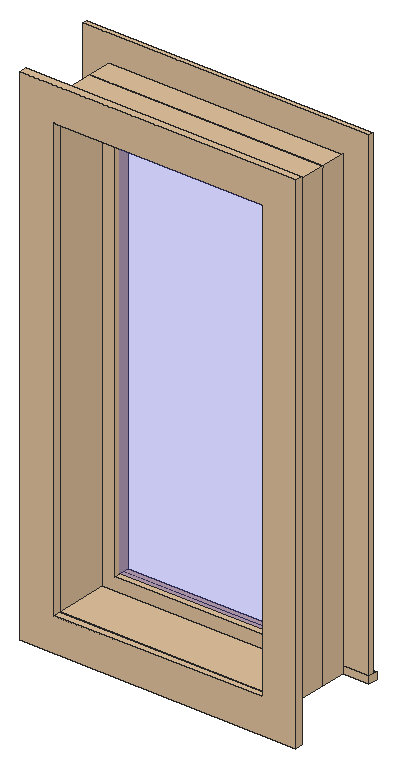
Revit family
Parameters (values of type "24" x 48"")
  Assembly Code = "B2020100"
  Glass Pane Material = Glass
  Height = 4' - 0"
  Sash Material = Sash
  Default Sill Height = 3' - 0"
  Trim Exterior Material = Trim
  Trim Interior Material = Trim
  Trim Projection - Ext. = 0' - 0 1/2"
  Trim Projection - Int. = 0' - 0 3/4"
  Trim Width - Exterior = 0' - 3 1/2"
  Trim Width - Interior = 0' - 3 1/2"
  Wall Closure = (empty or 0)
  Width = 2' - 0"
  Window Inset = 0' - 0 3/4"
Types (10): name | Height | Default Sill Height | Width
  (no name) | 4' - 0" | 3' - 0" | 2' - 0"
  36" x 48" | 4' - 0" | 3' - 0" | 3' - 0"
  24" x 48" | 4' - 0" | 3' - 0" | 2' - 0"
  24" x 24" | 2' - 0" | 3' - 0" | 2' - 0"
  16" x 24" | 2' - 0" | 3' - 0" | 1' - 4"
  16" x 48" | 4' - 0" | 3' - 0" | 1' - 4"
  16" x 72" | 6' - 0" | 1' - 0" | 1' - 4"
  24" x 72" | 6' - 0" | 1' - 0" | 2' - 0"
  36" x 24" | 2' - 0" | 3' - 0" | 3' - 0"
  36" x 72" | 6' - 0" | 1' - 0" | 3' - 0"
Reference planes (in)
  plane 1: y = 0
  plane 2: z = 0
  plane 3 "Center": x = -1.5
  plane 4 "Left": x = -13.5
  plane 5 "Right": x = 10.5
  plane 6 "Sill": z = 36
  plane 7 "Top": z = 84
  plane 8: y = 4
  plane 9: y = -4
  plane 10: y = 3.25
  plane 11: x = -12.75
  plane 12: x = -12.25
  plane 13: x = 9.75
  plane 14: x = 9.25
  plane 15: x = -16.25
  plane 16: x = -15.75
  plane 17: x = 12.75
  plane 18: x = 13.25
  plane 19: z = 86.75
  plane 20: z = 83.25
  plane 21: z = 82.75
  plane 22: z = 86.25
  plane 23: z = 37.25
  plane 24: z = 33.75
  plane 25 "Closure": y = 2.125
Forms (in)
  Extrusion 1, solid, material "Sash" <- "Sash Material"
    sketch origin (0, 0, 0) x (1, 0, 0) y (0, 0, 1)
      loop
        line (-13.5, 84) -> (-13.5, 36) -> (10.5, 36) -> (10.5, 84) -> (-13.5, 84)
      loop
        line (-12.75, 83.25) -> (-12.75, 36.75) -> (9.75, 36.75) -> (9.75, 83.25) -> (-12.75, 83.25)
    from -4 to -1.5
  Extrusion 2, solid, material "Sash" <- "Sash Material"
    sketch origin (0, 0, 0) x (-1, 0, 0) y (0, 0, 1)
      loop
        line (-10.5, 84) -> (-10.5, 36) -> (13.5, 36) -> (13.5, 84) -> (-10.5, 84)
      loop
        line (-9.25, 82.75) -> (-9.25, 37.25) -> (12.25, 37.25) -> (12.25, 82.75) -> (-9.25, 82.75)
    from 1.5 to -4
  Extrusion 3, solid, material "Sash" <- "Sash Material"
    sketch origin (0, 0, 0) x (-1, 0, 0) y (0, 0, 1)
      loop
        line (-9.75, 83.25) -> (-9.75, 36.75) -> (12.75, 36.75) -> (12.75, 83.25) -> (-9.75, 83.25)
      loop
        line (-8, 81.5) -> (-8, 38.5) -> (11, 38.5) -> (11, 81.5) -> (-8, 81.5)
    from 1.5 to 3.25
  Extrusion 4, solid, material "Glass" <- "Glass Pane Material"
    sketch origin (-4.9201, 0, -4.60771) x (1, 0, 0) y (0, 0, 1)
      loop
        line (-6.0799, 86.10771) -> (-6.0799, 43.10771) -> (12.9201, 43.10771) -> (12.9201, 86.10771) -> (-6.0799, 86.10771)
    from -2.625 to -2.125
  Extrusion 5, solid, material "Trim" <- "Trim Interior Material"
    sketch origin (0, 0, 0) x (1, 0, 0) y (0, 0, 1)
      loop
        line (-12.25, 82.75) -> (-12.25, 37.25) -> (9.25, 37.25) -> (9.25, 82.75) -> (-12.25, 82.75)
      loop
        line (-15.75, 86.25) -> (-15.75, 33.75) -> (12.75, 33.75) -> (12.75, 86.25) -> (-15.75, 86.25)
    from 4 to 4.75
  Extrusion 6, solid, material "Trim" <- "Trim Exterior Material"
    sketch origin (0, 0, 0) x (-1, 0, 0) y (0, 0, 1)
      loop
        line (-9.75, 83.25) -> (12.75, 83.25) -> (12.75, 36.75) -> (16.25, 36.75) -> (16.25, 86.75) -> (-13.25, 86.75) -> (-13.25, 36.75) -> (-9.75, 36.75) -> (-9.75, 83.25)
    from 4 to 4.5
  Extrusion 7, solid, material "Trim" <- "Trim Exterior Material"
    sketch origin (0, 0, 0) x (-1, 0, 0) y (0, 0, 1)
      loop
        line (-13.25, 36.75) -> (-13.25, 36) -> (16.25, 36) -> (16.25, 36.75) -> (-13.25, 36.75)
    from 4 to 5
Lines and regions (in)
  Opening 1
    outline origin (-60, -4, 0) x (1, 0, 0) y (0, 0, 1)
      loop
        line (46.5, 84) -> (46.5, 36) -> (70.5, 36) -> (70.5, 84) -> (46.5, 84)
  symbolic lines, style "WindowsFrameMullionProjection"
    curve 1: line (-13.5, 4, 0) -> (-12.75, 4, 0)
    curve 2: line (-12.75, 1.5, 0) -> (-12.75, 4, 0)
    curve 3: line (-12.75, 1.5, 0) -> (-12.25, 1.5, 0)
    curve 4: line (-12.25, -4, 0) -> (-12.25, 1.5, 0)
    curve 5: line (10.5, 4, 0) -> (9.75, 4, 0)
    curve 6: line (9.25, 1.5, 0) -> (9.25, -4, 0)
    curve 7: line (9.25, 1.5, 0) -> (9.75, 1.5, 0)
    curve 8: line (9.75, 1.5, 0) -> (9.75, 4, 0)
    curve 9: line (-12.75, 3.25, 0) -> (-11, 3.25, 0)
    curve 10: line (-12.75, 3.25, 0) -> (-12.75, 1.5, 0)
    curve 11: line (-12.75, 1.5, 0) -> (-11, 1.5, 0)
    curve 12: line (-11, 3.25, 0) -> (-11, 1.5, 0)
    curve 13: line (9.75, 3.25, 0) -> (8, 3.25, 0)
    curve 14: line (9.75, 3.25, 0) -> (9.75, 1.5, 0)
    curve 15: line (9.75, 1.5, 0) -> (8, 1.5, 0)
    curve 16: line (8, 3.25, 0) -> (8, 1.5, 0)
    curve 18: line (-12.25, -4, 0) -> (-13.5, -4, 0)
    curve 19: line (9.25, -4, 0) -> (10.5, -4, 0)
  symbolic lines, style "WindowsGlassProjection"
    curve 17: line (-11, 2.375, 0) -> (8, 2.375, 0)
Text (in)
  text "EXTERIOR" at (-56.58296, 53.32073, 0), in view "Floor Line"
  text "INTERIOR" at (-58.6888, -42.14638, 0), in view "Floor Line"
  text "Exterior" at (0, 43.65631, 134.44969), in view "Left"
  text "Exterior" at (0, 18.29385, 125.04747), in view "Right"
Dimensions and locks (in)
  equal spacing: plane 4 "Left", plane 3 "Center", plane 5 "Right"
  "Width": plane 4 "Left" to plane 5 "Right"
  plane 2 to plane 24 to plane 6 "Sill" to plane 21 to plane 7 "Top" = 2' - 9 3/4", 0' - 2 1/4", 3' - 10 3/4", 0' - 1 1/4"
  "Window Inset": plane 8 to plane 10
  locked: plane 10 to Extrusion 3 at 1.75
  locked: plane 10 to Extrusion 4 at 0.625
  locked: Extrusion 4 to Extrusion 4 at 0.5
  "Trim Projection - Int.": Extrusion 5 to Extrusion 5
  "Trim Projection - Ext.": Extrusion 6 to Extrusion 6
  locked: Extrusion 7 sketch curve to Extrusion 1 at 0.75
  locked: Extrusion 7 to Extrusion 6 at 0.5
  locked: plane 4 "Left" to plane 11 at 0.75
  locked: plane 13 to plane 5 "Right" at 0.75
  locked: plane 14 to plane 5 "Right" at 1.25
  locked: plane 4 "Left" to plane 12 at 1.25
  "Trim Width - Exterior": plane 13 to plane 18
  "Trim Width - Exterior": plane 15 to plane 11
  locked: plane 20 to plane 7 "Top" at 0.75
  "Trim Width - Exterior": plane 20 to plane 19
  "Trim Width - Interior": plane 16 to plane 12
  "Trim Width - Interior": plane 14 to plane 17
  locked: plane 7 "Top" to plane 21 at 1.25
  "Trim Width - Interior": plane 22 to plane 21
  locked: plane 23 to plane 6 "Sill" at 1.25
  "Trim Width - Interior": plane 23 to plane 24
  "Height": plane 7 "Top" to plane 6 "Sill"
  "Default Sill Height": plane 6 "Sill" to plane 2
  locked: plane 10 to plane 25 "Closure" at 1.125
  aligned and locked: plane 7 "Top" to Opening 1 sketch curve
  aligned and locked: plane 6 "Sill" to Opening 1 sketch curve  (x2)
  aligned and locked: plane 5 "Right" to Opening 1 sketch curve
  aligned and locked: plane 4 "Left" to Opening 1 sketch curve
  aligned and locked: plane 9 to host wall
  aligned and locked: host wall to Extrusion 2
  aligned and locked: plane 10 to Extrusion 3
  aligned and locked: plane 8 to host wall
  aligned and locked: host wall to Extrusion 1
  aligned and locked: Extrusion 2 to Extrusion 1
  aligned and locked: Extrusion 1 to Extrusion 3
  aligned and locked: Extrusion 4 sketch curve to Extrusion 3  (x4)
  aligned and locked: curve 5 to Extrusion 1  (x2)
  aligned and locked: curve 6 to Extrusion 2
  aligned and locked: curve 4 to Extrusion 2
  aligned and locked: curve 16 to Extrusion 3
  aligned and locked: Extrusion 1 to curve 11
  aligned and locked: Extrusion 1 to curve 7
  aligned and locked: Extrusion 5 sketch curve to Extrusion 2  (x4)
  aligned and locked: Extrusion 5 to host wall
  aligned and locked: Extrusion 6 sketch curve to Extrusion 1  (x4)
  aligned and locked: Extrusion 6 to host wall
  aligned and locked: Extrusion 7 sketch curve to Extrusion 6  (x2)
  aligned and locked: Extrusion 7 to host wall
Automatic sketch dimensions
  Extrusion 1 sketch curve to plane 4 "Left" = 0' - 0"
  Extrusion 1 sketch curve to plane 5 "Right" = 0' - 0"
  Extrusion 1 sketch curve to plane 4 "Left" = 0' - 0 3/4"
  plane 5 "Right" to Extrusion 1 sketch curve = 0' - 0 3/4"
  Extrusion 1 sketch curve to plane 6 "Sill" = 0' - 0"
  Extrusion 1 sketch curve to plane 7 "Top" = 0' - 0"
  Extrusion 1 sketch curve to plane 6 "Sill" = 0' - 0 3/4"
  plane 7 "Top" to Extrusion 1 sketch curve = 0' - 0 3/4"
  Extrusion 2 sketch curve to plane 5 "Right" = 0' - 0"
  Extrusion 2 sketch curve to plane 4 "Left" = 0' - 0"
  plane 5 "Right" to Extrusion 2 sketch curve = 0' - 1 1/4"
  Extrusion 2 sketch curve to plane 4 "Left" = 0' - 1 1/4"
  Extrusion 2 sketch curve to plane 6 "Sill" = 0' - 0"
  Extrusion 2 sketch curve to plane 7 "Top" = 0' - 0"
  Extrusion 2 sketch curve to plane 6 "Sill" = 0' - 1 1/4"
  plane 7 "Top" to Extrusion 2 sketch curve = 0' - 1 1/4"
  plane 5 "Right" to Extrusion 3 sketch curve = 0' - 0 3/4"
  plane 5 "Right" to Extrusion 3 sketch curve = 0' - 2 1/2"
  Extrusion 3 sketch curve to plane 4 "Left" = 0' - 2 1/2"
  Extrusion 3 sketch curve to plane 4 "Left" = 0' - 0 3/4"
  Extrusion 3 sketch curve to plane 6 "Sill" = 0' - 0 3/4"
  Extrusion 3 sketch curve to plane 6 "Sill" = 0' - 2 1/2"
  plane 7 "Top" to Extrusion 3 sketch curve = 0' - 2 1/2"
  plane 7 "Top" to Extrusion 3 sketch curve = 0' - 0 3/4"
  curve 18 to plane 4 "Left" = 0' - 0"
  curve 1 to plane 4 "Left" = 0' - 0"
  curve 2 to plane 8 = 0' - 0"
  curve 10 to plane 10 = 0' - 0"
  curve 13 to plane 10 = 0' - 0"
  curve 19 to plane 5 "Right" = 0' - 0"
  curve 1 to curve 2 = 0' - 0 3/4"
  curve 9 to curve 12 = 0' - 1 3/4"
  plane 5 "Right" to curve 13 = 0' - 0 3/4"
  curve 19 to plane 9 = 0' - 0"
  curve 4 to plane 9 = 0' - 0"
  curve 11 to curve 17 = 0' - 0 7/8"
  Extrusion 7 sketch curve to plane 15 = 0' - 0"
  Extrusion 5 sketch curve to plane 16 = 0' - 0"
  Extrusion 5 sketch curve to plane 17 = 0' - 0"
  Extrusion 5 sketch curve to plane 24 = 0' - 0"
  Extrusion 5 sketch curve to plane 22 = 0' - 0"
  Extrusion 6 sketch curve to plane 18 = 0' - 0"
  Extrusion 6 sketch curve to plane 15 = 0' - 0"
  Extrusion 6 sketch curve to plane 19 = 0' - 0"
  Extrusion 6 sketch curve to plane 6 "Sill" = 0' - 0 3/4"
